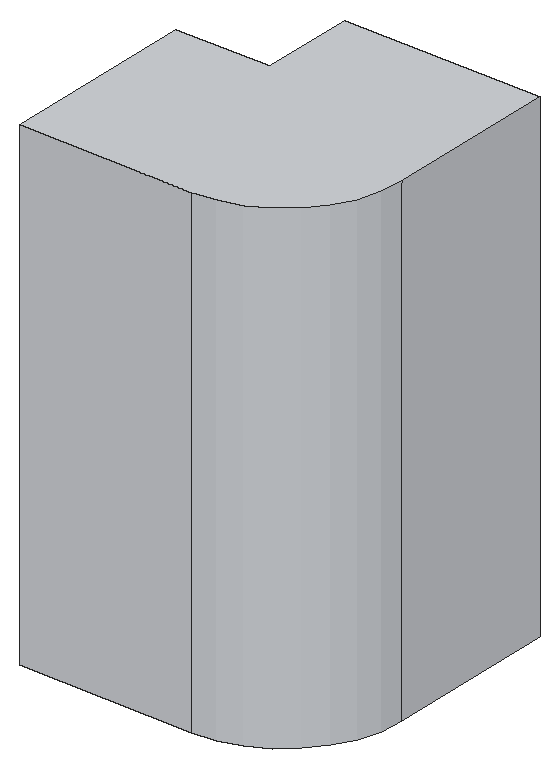
Revit family "KNS_KK_Поворот парапетный изм_IEK", category Соединительные детали воздуховодов, Revit 2019
Family settings
  Размер круглого соединителя = Использовать диаметр
  Тип детали = Отвод
  На основе рабочей плоскости = Нет
  Всегда вертикально = Нет
  При загрузке вырезать с полостями = Нет
  Общий = Нет
Parameters (values of type "Внешний")
  Ширина воздуховода [instance] = 40 mm
  Угол поворота [instance] = 90.00°
  Толщина [instance] = 1.7 mm
  Cost = 0
  Description = ""
  Изготовитель = "IEK"  # constant formula
  Длина вылета = 10 mm
  Длина от центра [instance] = (Ширина воздуховода / 2) * tan(Угол поворота / 2) + Длина вылета * tan(Угол поворота / 2) + Длина вылета  # 40 mm
  Высота воздуховода [instance] = 100 mm
  Выбор = 1 mm
  Внутренний поворот = Выбор = 2 mm  # no
  Внешний поворот = Выбор = 1 mm  # yes
  b3 [instance] = (Ширина воздуховода / 2) + 1.7 mm  # 21.7 mm
  b2 [instance] = (Ширина воздуховода / 2)  # 20 mm
  b1 [instance] = (Ширина воздуховода / 2) + 1.7 mm  # 21.7 mm
  URL = "https://www.iek.ru/"
  KSI_CPr_Строительные изделия = "20.2.05.06"  # constant formula
  KSI_CMa_Строительные материалы = "01.07.14"  # constant formula
  IEK_Цена с НДС [instance] = size_lookup("IEK_Поворот парапетный изменяемый горизонтальный 80-100гр", "Cost", "Неправильный размер", Высота воздуховода, Ширина воздуховода, Выбор, IEK_Цвет)  # "163.84"
  IEK_Цвет [instance] = "Белый"
  IEK_Срок службы = "25 лет"  # constant formula
  IEK_Описание = "Внешний угол КМН служит для соединения двух кабель-каналов одинакового типоразмера на внешнем углу 90°. Конструкция разработана в точном соответствии с кабель-каналами IEK. Плотное прилегание, эргономичная конструкция, полное соответствие с цветом кабель-канала."
  IEK_Монтажная температура = "-15...+60 °C"  # constant formula
  IEK_Гарантийный срок = "2 года"  # constant formula
  IEK_URL [instance] = size_lookup("IEK_Поворот парапетный изменяемый горизонтальный 80-100гр", "Link", "Неправильный размер", Высота воздуховода, Ширина воздуховода, Выбор, IEK_Цвет)  # "https://www.iek.ru/products/catalog/?page=detail&article=CKK-40D-W-100-040-K01&utm_source=price"
  IEK_ID [instance] = size_lookup("IEK_Поворот парапетный изменяемый горизонтальный 80-100гр", "ID", "Неправильный размер", Высота воздуховода, Ширина воздуховода, Выбор, IEK_Цвет)  # "#501030201002"
  ADSK_Примечание = ""
  ADSK_Позиция = ""
  ADSK_Обозначение = "ТУ 27.33.14-004-83135016-2017"  # constant formula
  ADSK_Наименование [instance] = size_lookup("IEK_Поворот парапетный изменяемый горизонтальный 80-100гр", "Name", "Неправильный размер", Высота воздуховода, Ширина воздуховода, Выбор, IEK_Цвет)  # "Внешний изменяемый угол для К.К. \"Праймер\" 100х40"
  ADSK_Материал обозначение = "Пластик"  # constant formula
  ADSK_Материал наименование = "ПВХ (PVC)"  # constant formula
  ADSK_Материал [instance] = none
  ADSK_Масса_Текст = ""
  ADSK_Масса [instance] = 0
  ADSK_Марка = "ПРАЙМЕР"  # constant formula
  ADSK_Код изделия [instance] = size_lookup("IEK_Поворот парапетный изменяемый горизонтальный 80-100гр", "Code", "Неправильный размер", Высота воздуховода, Ширина воздуховода, Выбор, IEK_Цвет)  # "CKK-40D-W-100-040-K01"
  ADSK_Завод-изготовитель = "IEK"  # constant formula
  ADSK_Единица измерения = "шт"  # constant formula
  ADSK_Группирование = "Кабельные короба"
  ADSK_Версия семейства = "1.1"  # constant formula
  ADSK_Версия Revit = "2019"  # constant formula
  ADSK_URL страницы изделия = "https://www.iek.ru/products/catalog/sistemy_dlya_prokladki_kabelya/kabel_kanaly_i_aksessuary/kabel_kanaly_parapetnye_i_aksessuary/aksessuary_dlya_parapetnykh_kabel_kanalov_praymer/vnutrenniy_izmenyaemyy_ugol_praymer/"
  ADSK_URL документации изделия = "https://www.iek.ru/upload/pictures/katalogi/ru_ru/5-catalog_kabeln_syst.pdf"
Types (2, lengths in mm): name | Выбор | Внутренний поворот | Внешний поворот | IEK_Описание | IEK_URL | IEK_ID | ADSK_Наименование | ADSK_Код изделия
  Внешний | 1 | no | yes | "Внешний угол КМН служит для соединения двух кабель-каналов одинакового типоразмера на внешнем углу 90°. Конструкция разработана в точном соответствии с кабель-каналами IEK. Плотное прилегание, эргономичная конструкция, полное соответствие с цветом кабель-канала." | "https://www.iek.ru/products/catalog/?page=detail&article=CKK-40D-W-100-040-K01&utm_source=price" | "#501030201002" | "Внешний изменяемый угол для К.К. \"Праймер\" 100х40" | "CKK-40D-W-100-040-K01"
  Внутренний | 2 | yes | no | "Внутренний угол КМВ служит для соединения двух кабель-каналов одинакового типоразмера на внутреннем углу 90°. Конструкция разработана в точном соответствии с кабель-каналами IEK. Плотное прилегание, эргономичная конструкция, полное соответствие с цветом кабель-канала." | "https://www.iek.ru/products/catalog/?page=detail&article=CKK-40D-X-100-040-K01&utm_source=price" | "#501030202002" | "Внутренний изменяемый угол для К.К. \"Праймер\" 100х40" | "CKK-40D-X-100-040-K01"
Reference planes
  plane 1 "По центру (Вперед/Назад)": y = 0
  plane 2: z = 0
  plane 3 "По центру (Влево/Вправо)": x = 0
  plane 4: y = 20
  plane 5: y = -20
  plane 6: z = 50
  plane 7: z = -50
  plane 8: x = -40
  plane 9: y = -21.7
  plane 10: z = 51.7
  plane 11: z = -51.7
  plane 12: x = 20
  plane 13: x = -21.7
  plane 14: y = 21.7
  plane 15: x = 21.7
Forms (mm)
  Sweep 1, solid, detail levels medium
    path in 3D
      loop
        line (-40, 0, 0) -> (0, 0, 0) -> (0, 40, 0)
    profile origin (-20, 0, 0) x (0, 1, 0) y (0, 0, 1)
      loop
        line (20, 50) -> (-20, 50) -> (-20, -50) -> (20, -50) -> (20, 50)
  Extrusion 2, solid, visible <- "Внешний поворот", detail levels fine
    sketch origin (0, 0, 0) x (1, 0, 0) y (0, 1, 0)
      loop
        line (-40, 20) -> (-40, -21.7) -> (-3.3, -21.7)
        arc (-3.3, -21.7) -> (14.378, -14.378) -> (21.7, 3.3) r 25
        line (21.7, 3.3) -> (21.7, 40) -> (-20, 40) -> (-20, 20) -> (-40, 20)
    from -51.7 to 51.7
  Extrusion 3, solid, visible <- "Внутренний поворот", detail levels fine
    sketch origin (0, 0, 0) x (1, 0, 0) y (0, 1, 0)
      loop
        line (-40, -20) -> (20, -20) -> (20, 40) -> (-21.7, 40) -> (-21.7, 26.7)
        arc (-21.7, 26.7) -> (-23.164, 23.164) -> (-26.7, 21.7) r 5
        line (-26.7, 21.7) -> (-40, 21.7) -> (-40, -20)
    from -51.7 to 51.7
Lines and regions (mm)
  model lines, detail levels medium+fine
    curve 1: line (-40, 0, 0) -> (0, 0, 0)
    curve 2: line (0, 0, 0) -> (0, 40, 0)
  sketch lines
    curve 3: line (-40, 0, 0) -> (0, 0, 0)
    curve 4: line (0, 0, 0) -> (0, 40, 0)
  model lines, detail levels coarse
    curve 5: line (-40, 0, 0) -> (0, 0, 0)
    curve 6: line (0, 0, 0) -> (0, 40, 0)
Dimensions and locks
  equal spacing: plane 4, plane 1 "По центру (Вперед/Назад)", plane 5
  "Ширина воздуховода": plane 4 to plane 5
  equal spacing: plane 7, level, plane 6
  "Высота воздуховода": plane 7 to plane 6
  "Длина от центра": plane 8 to plane 3 "По центру (Влево/Вправо)"
  "Длина от центра": curve 2 to curve 2
  "Длина от центра": curve 5 to curve 5
  locked: plane 5 to plane 9 at 1.7
  locked: plane 10 to plane 6 at 1.7
  locked: plane 11 to plane 7 at 1.7
  "b2": plane 3 "По центру (Влево/Вправо)" to plane 12
  "b1": plane 13 to plane 3 "По центру (Влево/Вправо)"
  locked: plane 14 to plane 4 at 1.7
  "b3": plane 3 "По центру (Влево/Вправо)" to plane 15
  "Угол поворота": angle plane 1 "По центру (Вперед/Назад)" to curve 2
  aligned and locked: level to plane 2
  aligned and locked: plane 6 to Sweep 1 sketch curve
  aligned and locked: plane 4 to Sweep 1 sketch curve
  aligned and locked: Sweep 1 sketch curve to plane 5
  aligned and locked: Sweep 1 sketch curve to plane 7
  aligned and locked: Extrusion 2 sketch curve to plane 9
  aligned and locked: Extrusion 2 sketch curve to curve 1
  aligned and locked: Extrusion 2 sketch curve to plane 4
  aligned and locked: Extrusion 2 sketch curve to Sweep 1  (x2)
  aligned and locked: Extrusion 3 sketch curve to Sweep 1
  aligned and locked: Extrusion 3 sketch curve to curve 1
  aligned and locked: Extrusion 3 sketch curve to plane 5
  aligned and locked: Extrusion 3 to plane 14
  aligned and locked: plane 11 to Extrusion 3
  aligned and locked: Extrusion 3 to plane 10
  aligned and locked: Extrusion 3 to plane 12
  aligned and locked: plane 11 to Extrusion 2
  aligned and locked: Extrusion 2 to plane 10
  aligned and locked: plane 15 to Extrusion 2
Automatic sketch dimensions
  plane 5 to Extrusion 2 sketch curve = 23.3 mm
  plane 14 to Extrusion 3 sketch curve = 0 mm
  Extrusion 3 sketch curve to plane 13 = 0 mm
  Extrusion 3 sketch curve to plane 12 = 0 mm
  Extrusion 3 sketch curve to plane 13 = 5 mm
  Extrusion 2 sketch curve to plane 12 = 1.7 mm
  plane 1 "По центру (Вперед/Назад)" to curve 5 = 0 mm
  curve 5 to plane 8 = 0 mm
  curve 1 to plane 8 = 0 mm
Connectors
  hvac at (-40, 0, 0), driven by "Высота воздуховода", driven by "Ширина воздуховода", driven by "Угол поворота"
    settings: on Sweep 1, index 1, duct flow 0.0 L/s, flow factor 0, pres drop 0.0 Pa, loss coef 0, conn angle 90.00°, conn width 40 mm, conn height 100 mm, conn diameter 609.6 mm, duct sys type 28, conn prof type 1, flow config 0, flow direction 0, loss method 0, conn ref index 2, conn util no, is conn primary yes, conn desc ""
  hvac at (0, 40, 0), driven by "Высота воздуховода", driven by "Ширина воздуховода", driven by "Угол поворота"
    settings: on Sweep 1, index 2, duct flow 0.0 L/s, flow factor 0, pres drop 0.0 Pa, loss coef 0, conn angle 90.00°, conn width 40 mm, conn height 100 mm, conn diameter 609.6 mm, duct sys type 28, conn prof type 1, flow config 0, flow direction 0, loss method 0, conn ref index 1, conn util no, is conn primary no, conn desc ""
